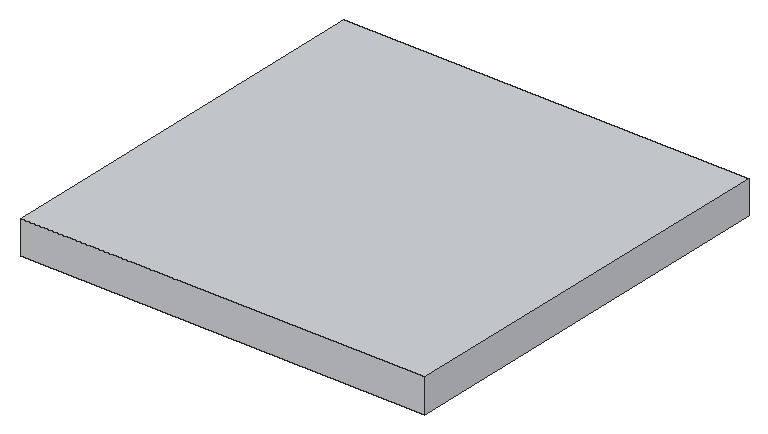
Revit family "DMElétrico_Circuito_Chamada_de_Enfermeira", category Dispositivos de chamada de enfermeira, Revit 2025
Family settings
  Cota do conector redondo = Utilizar diâmetro
  Tipo de parte = Normal
  Com base no plano de trabalho = Não
  Sempre na vertical = Sim
  Corte com vazios quando carregada = Não
  Manter orientação da anotação = Não
  Compartilhado = Não
  Ponto de cálculo do ambiente = Não
Parameters
  Elevação padrão = 0 mm
Reference planes
  plane 1 "Center (Front/Back)": y = 0
  plane 2: z = 0
  plane 3 "Center (Left/Right)": x = 0
Forms (mm)
  Extrusion 1, solid
    sketch origin (0, 0, 0) x (1, 0, 0) y (0, 1, 0)
      loop
        line (-15, 15) -> (-15, -15) -> (15, -15) -> (15, 15) -> (-15, 15)
    from 0 to -2.5
Lines and regions (mm)
  model lines
    curve 1: circle (0, 0, 0) r 15 normal (0, 0, 1)
    curve 2: circle (0, 0, 0) r 15 normal (0, -1, 0)
    curve 3: circle (0, 0, 0) r 15 normal (1, 0, 0)
Dimensions and locks
  aligned and locked: level to plane 2
Connectors
  cabletrayconduit at (0, 0, 0), diameter 32
    settings: on Extrusion 1, index 1, connector width 300 mm, connector height 300 mm, connector angle 0.00°, system type 32, placement type 0, profile type 0, connector reference index -1, is primary connector yes, connector utility param no, connector description ""
  cabletrayconduit at (0, 0, -2.5), diameter 32
    settings: on Extrusion 1, index 2, connector width 300 mm, connector height 300 mm, connector angle 0.00°, system type 32, placement type 0, profile type 0, connector reference index -1, is primary connector no, connector utility param no, connector description ""
  electrical at (0, 0, 0)
    settings: on Extrusion 1, index 3, voltage 0 V, apparent load 0 VA, apparent load phase1 0 VA, apparent load phase2 0 VA, apparent load phase3 0 VA, power factor 1, load classification "Outro", number of poles 1, system type 12, power factor state 1, is connector primary yes, connector utility no, sub classification motor no, connector description ""
